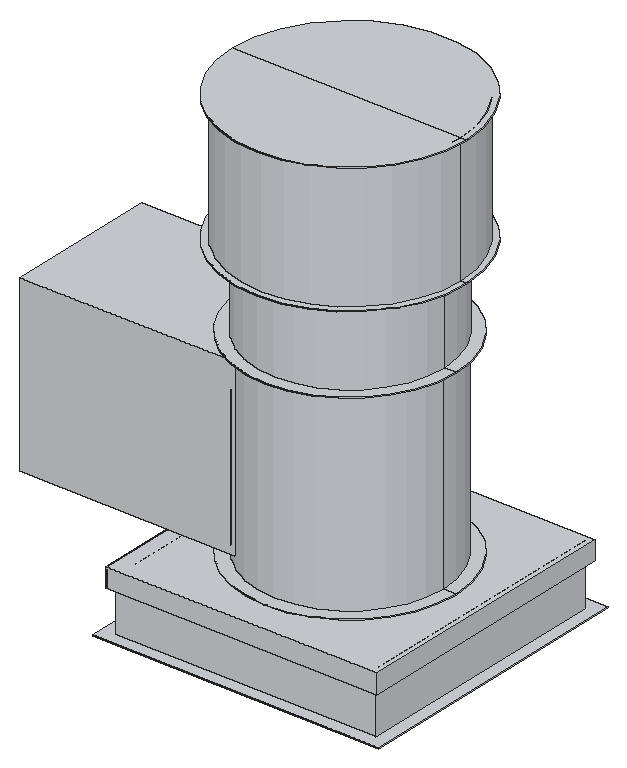
Revit family "AFBV-C_Roof_Exhauster", category Mechanical Equipment, Revit 2019
Family settings
  Round Connector Dimension = Use Diameter
  Part Type = Normal
  Work Plane-Based = No
  Always vertical = Yes
  Cut with Voids When Loaded = No
  Shared = No
  Room Calculation Point = No
Parameters (values of type "28_AFBV-C_ROOF_EXHAUSTER")
  VANE = 1' - 1"
  Unit Weight [instance] = ""
  UP_A_PLUS_VANE = UP_A + VANE  # 5' - 7"
  UP_A-E-3" = UP_A - E - 0' 3"  # 1' - 8"
  UP_A = 4' - 6"
  T_SQ = 3' - 6"
  RO/2 = RO / 2  # 1' - 6 3/4"
  RO = T_SQ - 0' 4 1/2"  # 3' - 1 1/2"
  ModelID [instance] = ""
  L/2 = L / 2  # 1' - 0 5/16"
  L = 2' - 0 5/8"
  K/2 = K / 2  # 0' - 0 3/16"
  K = 0' - 0 3/8"
  J/2 = J / 2  # 1' - 5 13/32"
  CURB_HEIGHT [instance] = 0' - 9 1/2"
  CURB [instance] = yes
  B/2*1.1 = B / 2 * 1.1  # 1' - 6 7/32"
  Accessories [instance] = ""
  45 = 45.00°  # constant formula
  (T_SQ+.125")/2 = (T_SQ + 0' 0 1/4") / 2  # 1' - 9 1/8"
  (L-1")/2 = (L - 0' 1") / 2  # 0' - 11 13/16"
  (J+(J-A))/2 = (J + ((J - A) / 2)) / 2  # 1' - 6 57/64"
  J = 2' - 10 13/16"
  CENTER = 0' - 0"  # constant formula
  H-(A/2) = H - (A / 2)  # 2' - 3 7/16"
  H+J = H + CENTER  # 3' - 5 7/8"
  H = 3' - 5 7/8"
  Sones [instance] = ""
  Motor RPM [instance] = ""
  Motor Enclosure [instance] = ""
  LwA [instance] = ""
  G = 6' - 0"
  Fan RPM [instance] = ""
  F/2 = F / 2  # 0' - 0 7/32"
  F = 0' - 0 7/16"
  E/2 = E / 2  # 1' - 3 1/2"
  E-2" = E - 0' 2"  # 2' - 5"
  E = 2' - 7"
  C/2+J = C / 2 + CENTER  # 1' - 3 7/16"
  C/2 = C / 2  # 1' - 3 7/16"
  C = 2' - 6 7/8"
  B/2 = B / 2  # 1' - 4 9/16"
  B = 2' - 9 1/8"
  A/3 = A / 2.5  # 0' - 11.55"
  A/2 = A / 2  # 1' - 2 7/16"
  A = 2' - 4 7/8"
  60 = 60.00°  # constant formula
  30 = 30.00°  # constant formula
  3" = 0' - 3"  # constant formula
  Brake Hp [instance] = ""
  4" = 0' - 4"  # constant formula
  2' = 2' - 0"
  2" = 0' - 2"  # constant formula
  1" = 0' - 1"  # constant formula
  0 = 0' - 0"  # constant formula
  Voltage [instance] = 0 V
  URL = "www.lorencook.com"
  Type Comments = "Tube Axial Fan Roof Exhauster Belt Drive Arrangement 9"  # constant formula
  Static Pressure [instance] = 0.00 in-wg
  Power [instance] = Voltage * Motor FLA * sqrt(if(Phase = 3, 3, 1))  # 0 VA
  Phase [instance] = 0
  Number of Poles [instance] = 1
  Motor Hp [instance] = "0"
  Motor FLA [instance] = 0 A
  Model = "AFBV-C"  # constant formula
  Manufacturer = "Loren Cook Company"
  CFM [instance] = 0 CFM
  1.5 = 0' - 1 1/2"  # constant formula
  ONE EIGTH = 0' - 0 1/8"  # constant formula
  -E/2 = -E / 2  # -1' - 3 1/2"
  -(E-.25")/2 = -(E - 0' 0 1/4") / 2  # -1' - 3 3/8"
  (K/2)-((J-A-.25")/2) = (K / 2) - ((J - A - 0' 0 1/4") / 2)  # -0' - 2 21/32"
  (J-A-.25") = (J - A - 0' 0 1/4")  # 0' - 5 11/16"
  (H-(A/2))/2 = (H - (A / 2)) / 2  # 1' - 1 23/32"
  (E-.25")/2 = (E - 0' 0 1/4") / 2  # 1' - 3 3/8"
  (A+.25")/2 = (A + 0' 0 1/4") / 2  # 1' - 2 9/16"
Types (12): name | VANE | UP_A_PLUS_VANE | UP_A-E-3" | UP_A | T_SQ | RO/2 | RO | L/2 | L | K/2 | K | J/2 | B/2*1.1 | (T_SQ+.125")/2 | (L-1")/2 | (J+(J-A))/2 | J | H-(A/2) | H+J | H | G | F/2 | F | E/2 | E-2" | E | C/2+J | C/2 | C | B/2 | B | A/3 | A/2 | A | -E/2 | -(E-.25")/2 | (K/2)-((J-A-.25")/2) | (J-A-.25") | (H-(A/2))/2 | (E-.25")/2 | (A+.25")/2
  (no name) | 1' - 1" | 5' - 7" | 1' - 8" | 4' - 6" | 3' - 6" | 1' - 6 3/4" | 3' - 1 1/2" | 1' - 0 5/16" | 2' - 0 5/8" | 0' - 0 3/16" | 0' - 0 3/8" | 1' - 5 13/32" | 1' - 6 7/32" | 1' - 9 1/8" | 0' - 11 13/16" | 1' - 6 57/64" | 2' - 10 13/16" | 2' - 3 7/16" | 3' - 5 7/8" | 3' - 5 7/8" | 6' - 0" | 0' - 0 7/32" | 0' - 0 7/16" | 1' - 3 1/2" | 2' - 5" | 2' - 7" | 1' - 3 7/16" | 1' - 3 7/16" | 2' - 6 7/8" | 1' - 4 9/16" | 2' - 9 1/8" | 0' - 11.55" | 1' - 2 7/16" | 2' - 4 7/8" | -1' - 3 1/2" | -1' - 3 3/8" | -0' - 2 21/32" | 0' - 5 11/16" | 1' - 1 23/32" | 1' - 3 3/8" | 1' - 2 9/16"
  12_AFBV-C_ROOF_EXHAUSTER | 0' - 6" | 3' - 6" | 0' - 11" | 3' - 0" | 1' - 10" | 0' - 8 3/4" | 1' - 5 1/2" | 0' - 6 3/8" | 1' - 0 3/4" | 0' - 0 3/16" | 0' - 0 3/8" | 0' - 9 1/32" | 0' - 8 19/32" | 0' - 11 1/8" | 0' - 5 7/8" | 0' - 10 21/64" | 1' - 6 1/16" | 1' - 6 3/16" | 2' - 0 5/8" | 2' - 0 5/8" | 6' - 0" | 0' - 0 5/32" | 0' - 0 5/16" | 0' - 11" | 1' - 8" | 1' - 10" | 0' - 7 5/16" | 0' - 7 5/16" | 1' - 2 5/8" | 0' - 7 13/16" | 1' - 3 5/8" | 0' - 5.15" | 0' - 6 7/16" | 1' - 0 7/8" | -0' - 11" | -0' - 10 7/8" | -0' - 2 9/32" | 0' - 4 15/16" | 0' - 9 3/32" | 0' - 10 7/8" | 0' - 6 9/16"
  16_AFBV-C_ROOF_EXHAUSTER | 0' - 10" | 4' - 1" | 0' - 11" | 3' - 3" | 2' - 2" | 0' - 10 3/4" | 1' - 9 1/2" | 0' - 7 13/16" | 1' - 3 5/8" | 0' - 0 3/16" | 0' - 0 3/8" | 0' - 11 1/32" | 0' - 10.79375" | 1' - 1 1/8" | 0' - 7 5/16" | 1' - 0 21/64" | 1' - 10 1/16" | 1' - 9 11/16" | 2' - 6 1/8" | 2' - 6 1/8" | 6' - 0" | 0' - 0 5/32" | 0' - 0 5/16" | 1' - 0 1/2" | 1' - 11" | 2' - 1" | 0' - 9 5/16" | 0' - 9 5/16" | 1' - 6 5/8" | 0' - 9 13/16" | 1' - 7 5/8" | 0' - 6 3/4" | 0' - 8 7/16" | 1' - 4 7/8" | -1' - 0 1/2" | -1' - 0 3/8" | -0' - 2 9/32" | 0' - 4 15/16" | 0' - 10 27/32" | 1' - 0 3/8" | 0' - 8 9/16"
  18_AFBV-C_ROOF_EXHAUSTER | 0' - 11" | 4' - 10" | 1' - 7" | 3' - 11" | 2' - 4" | 0' - 11 3/4" | 1' - 11 1/2" | 0' - 8 1/2" | 1' - 5" | 0' - 0 3/16" | 0' - 0 3/8" | 1' - 0 1/32" | 0' - 11.89375" | 1' - 2 1/8" | 0' - 8" | 1' - 1 21/64" | 2' - 0 1/16" | 1' - 9 11/16" | 2' - 7 1/8" | 2' - 7 1/8" | 6' - 0" | 0' - 0 5/32" | 0' - 0 5/16" | 1' - 0 1/2" | 1' - 11" | 2' - 1" | 0' - 10 5/16" | 0' - 10 5/16" | 1' - 8 5/8" | 0' - 10 13/16" | 1' - 9 5/8" | 0' - 7.55" | 0' - 9 7/16" | 1' - 6 7/8" | -1' - 0 1/2" | -1' - 0 3/8" | -0' - 2 9/32" | 0' - 4 15/16" | 0' - 10 27/32" | 1' - 0 3/8" | 0' - 9 9/16"
  24_AFBV-C_ROOF_EXHAUSTER | 1' - 1" | 5' - 7" | 1' - 8" | 4' - 6" | 3' - 0" | 1' - 3 3/4" | 2' - 7 1/2" | 0' - 10 7/8" | 1' - 9 3/4" | 0' - 0 3/16" | 0' - 0 3/8" | 1' - 3 13/32" | 1' - 4.01875" | 1' - 6 1/8" | 0' - 10 3/8" | 1' - 4 57/64" | 2' - 6 13/16" | 2' - 3 7/16" | 3' - 3 7/8" | 3' - 3 7/8" | 6' - 0" | 0' - 0 7/32" | 0' - 0 7/16" | 1' - 3 1/2" | 2' - 5" | 2' - 7" | 1' - 1 7/16" | 1' - 1 7/16" | 2' - 2 7/8" | 1' - 2 9/16" | 2' - 5 1/8" | 0' - 9.95" | 1' - 0 7/16" | 2' - 0 7/8" | -1' - 3 1/2" | -1' - 3 3/8" | -0' - 2 21/32" | 0' - 5 11/16" | 1' - 1 23/32" | 1' - 3 3/8" | 1' - 0 9/16"
  28_AFBV-C_ROOF_EXHAUSTER | 1' - 1" | 5' - 7" | 1' - 8" | 4' - 6" | 3' - 6" | 1' - 6 3/4" | 3' - 1 1/2" | 1' - 0 5/16" | 2' - 0 5/8" | 0' - 0 3/16" | 0' - 0 3/8" | 1' - 5 13/32" | 1' - 6 7/32" | 1' - 9 1/8" | 0' - 11 13/16" | 1' - 6 57/64" | 2' - 10 13/16" | 2' - 3 7/16" | 3' - 5 7/8" | 3' - 5 7/8" | 6' - 0" | 0' - 0 7/32" | 0' - 0 7/16" | 1' - 3 1/2" | 2' - 5" | 2' - 7" | 1' - 3 7/16" | 1' - 3 7/16" | 2' - 6 7/8" | 1' - 4 9/16" | 2' - 9 1/8" | 0' - 11.55" | 1' - 2 7/16" | 2' - 4 7/8" | -1' - 3 1/2" | -1' - 3 3/8" | -0' - 2 21/32" | 0' - 5 11/16" | 1' - 1 23/32" | 1' - 3 3/8" | 1' - 2 9/16"
  32_AFBV-C_ROOF_EXHAUSTER | 1' - 3" | 6' - 6" | 2' - 2" | 5' - 3" | 3' - 6" | 1' - 6 3/4" | 3' - 1 1/2" | 1' - 2 1/8" | 2' - 4 1/4" | 0' - 0 7/32" | 0' - 0 7/16" | 1' - 7 31/32" | 1' - 8.4875" | 1' - 9 1/8" | 1' - 1 5/8" | 1' - 9 45/64" | 3' - 3 15/16" | 2' - 4 3/4" | 3' - 9 1/4" | 3' - 9 1/4" | 6' - 0" | 0' - 0 7/32" | 0' - 0 7/16" | 1' - 5" | 2' - 8" | 2' - 10" | 1' - 5 1/2" | 1' - 5 1/2" | 2' - 11" | 1' - 6 5/8" | 3' - 1 1/4" | 1' - 1.2" | 1' - 4 1/2" | 2' - 9" | -1' - 5" | -1' - 4 7/8" | -0' - 3 1/8" | 0' - 6 11/16" | 1' - 2 3/8" | 1' - 4 7/8" | 1' - 4 5/8"
  36_AFBV-C_ROOF_EXHAUSTER | 1' - 4" | 6' - 7" | 2' - 2" | 5' - 3" | 4' - 0" | 1' - 9 3/4" | 3' - 7 1/2" | 1' - 3 17/32" | 2' - 7 1/16" | 0' - 0 7/32" | 0' - 0 7/16" | 1' - 9 31/32" | 1' - 10.75625" | 2' - 0 1/8" | 1' - 3 1/32" | 1' - 11 45/64" | 3' - 7 15/16" | 2' - 4 3/4" | 3' - 11 1/4" | 3' - 11 1/4" | 6' - 0" | 0' - 0 7/32" | 0' - 0 7/16" | 1' - 5" | 2' - 8" | 2' - 10" | 1' - 7 1/2" | 1' - 7 1/2" | 3' - 3" | 1' - 8 11/16" | 3' - 5 3/8" | 1' - 2.8" | 1' - 6 1/2" | 3' - 1" | -1' - 5" | -1' - 4 7/8" | -0' - 3 1/8" | 0' - 6 11/16" | 1' - 2 3/8" | 1' - 4 7/8" | 1' - 6 5/8"
  44_AFBV-C_ROOF_EXHAUSTER | 1' - 7" | 8' - 6" | 3' - 2" | 6' - 11" | 4' - 6" | 2' - 0 3/4" | 4' - 1 1/2" | 1' - 6 3/8" | 3' - 0 3/4" | 0' - 0 7/32" | 0' - 0 7/16" | 2' - 2" | 2' - 3 5/32" | 2' - 3 1/8" | 1' - 5 7/8" | 2' - 3 3/4" | 4' - 4" | 3' - 0 1/4" | 4' - 10 3/4" | 4' - 10 3/4" | 12' - 0" | 0' - 0 7/32" | 0' - 0 7/16" | 1' - 9" | 3' - 4" | 3' - 6" | 1' - 11 3/4" | 1' - 11 3/4" | 3' - 11 1/2" | 2' - 0 11/16" | 4' - 1 3/8" | 1' - 6" | 1' - 10 1/2" | 3' - 9" | -1' - 9" | -1' - 8 7/8" | -0' - 3 5/32" | 0' - 6 3/4" | 1' - 6 1/8" | 1' - 8 7/8" | 1' - 10 5/8"
  48_AFBV-C_ROOF_EXHAUSTER | 1' - 10" | 8' - 9 1/2" | 3' - 2 1/2" | 6' - 11 1/2" | 4' - 10 1/4" | 2' - 2 7/8" | 4' - 5 3/4" | 1' - 8 3/16" | 3' - 4 3/8" | 0' - 0 7/32" | 0' - 0 7/16" | 2' - 4 9/16" | 2' - 5.425" | 2' - 5 1/4" | 1' - 7 11/16" | 2' - 6 9/16" | 4' - 9 1/8" | 3' - 0 3/16" | 5' - 0 3/4" | 5' - 0 3/4" | 12' - 0" | 0' - 0 7/32" | 0' - 0 7/16" | 1' - 9" | 3' - 4" | 3' - 6" | 2' - 1 13/16" | 2' - 1 13/16" | 4' - 3 5/8" | 2' - 2 3/4" | 4' - 5 1/2" | 1' - 7.65" | 2' - 0 9/16" | 4' - 1 1/8" | -1' - 9" | -1' - 8 7/8" | -0' - 3 21/32" | 0' - 7 3/4" | 1' - 6 3/32" | 1' - 8 7/8" | 2' - 0 11/16"
  54_AFBV-C_ROOF_EXHAUSTER | 1' - 11" | 8' - 10 1/2" | 3' - 2 1/2" | 6' - 11 1/2" | 5' - 4 1/4" | 2' - 5 7/8" | 4' - 11 3/4" | 1' - 10 1/2" | 3' - 9" | 0' - 0 7/32" | 0' - 0 7/16" | 2' - 7 13/16" | 2' - 9.4125" | 2' - 8 1/4" | 1' - 10" | 2' - 9 7/8" | 5' - 3 5/8" | 2' - 0 1/16" | 4' - 3 3/4" | 4' - 3 3/4" | 12' - 0" | 0' - 0 7/32" | 0' - 0 7/16" | 1' - 9" | 3' - 4" | 3' - 6" | 2' - 4 13/16" | 2' - 4 13/16" | 4' - 9 5/8" | 2' - 6 3/8" | 5' - 0 3/4" | 1' - 10.15" | 2' - 3 11/16" | 4' - 7 3/8" | -1' - 9" | -1' - 8 7/8" | -0' - 3 25/32" | 0' - 8" | 1' - 0 1/32" | 1' - 8 7/8" | 2' - 3 13/16"
  60_AFBV-C_ROOF_EXHAUSTER | 2' - 1" | 9' - 0 1/2" | 3' - 2 1/2" | 6' - 11 1/2" | 5' - 10 1/4" | 2' - 8 7/8" | 5' - 5 3/4" | 2' - 0 17/32" | 4' - 1 1/16" | 0' - 0 7/32" | 0' - 0 7/16" | 2' - 10 11/16" | 3' - 0.7125" | 2' - 11 1/4" | 2' - 0 1/32" | 3' - 0 11/16" | 5' - 9 3/8" | 2' - 0 1/16" | 4' - 6 3/4" | 4' - 6 3/4" | 12' - 0" | 0' - 1 1/2" | 0' - 3" | 1' - 9" | 3' - 4" | 3' - 6" | 2' - 7 13/16" | 2' - 7 13/16" | 5' - 3 5/8" | 2' - 9 3/8" | 5' - 6 3/4" | 2' - 0.55" | 2' - 6 11/16" | 5' - 1 3/8" | -1' - 9" | -1' - 8 7/8" | -0' - 3 21/32" | 0' - 7 3/4" | 1' - 0 1/32" | 1' - 8 7/8" | 2' - 6 13/16"
Reference planes (in)
  plane 1 "Center (Front/Back)": y = 0
  plane 2: z = 0
  plane 3 "Center (Left/Right)": x = 0.40541
Forms (in)
  Revolve 1, solid
    sketch origin (0, 0, 0) x (1, 0, 0) y (0, 0, 1)
      loop
        line (0.40541, 3) -> (16.96791, 3) -> (16.96791, 3.125) -> (14.96791, 3.125) -> (14.96791, 33.875) -> (16.96791, 33.875) -> (16.96791, 34) -> (0.40541, 34) -> (0.40541, 3)
      axis (0.40541, 3) -> (0.40541, 34)
    angle from 0 to 360
  Extrusion 2, solid
    sketch origin (0.40541, 0, 33.875) x (1, 0, 0) y (0, -1, 0)
      loop
        arc (-8.51653, -11.8125) -> (-14.5625, 0) -> (-8.51653, 11.8125) r 14.5625
        line (-8.51653, 11.8125) -> (-41.875, 11.8125) -> (-41.875, -11.8125) -> (-8.51653, -11.8125)
    from 29 <- "E-2"" to 2
  Extrusion 3, void
    sketch origin (0, 0, 0) x (1, 0, 0) y (0, 1, 0)
      loop
        circle (0.40541, 0) r 0.125
    from -15.5 <- "-E/2" to 15.5 <- "E/2"
  Extrusion 4, solid
    sketch origin (0, 0, 0) x (1, 0, 0) y (0, 1, 0)
      loop
        line (-20.71959, 21.125) -> (-20.71959, -21.125) -> (21.53041, -21.125) -> (21.53041, 21.125) -> (-20.71959, 21.125)
    from 0 to 3
  Extrusion 5, void
    sketch origin (0, 0, 0) x (1, 0, 0) y (0, 1, 0)
      loop
        line (-20.59459, 21) -> (-20.59459, -21) -> (21.40541, -21) -> (21.40541, 21) -> (-20.59459, 21)
    from 0 to 2.875
  Revolve 6, solid
    sketch origin (0, 0, 0) x (1, 0, 0) y (0, 0, 1)
      loop
        line (0.40541, 46.875) -> (18.62416, 46.875) -> (18.62416, 47) -> (17.62416, 47) -> (17.62416, 66.875) -> (18.62416, 66.875) -> (18.62416, 67) -> (0.40541, 67) -> (0.40541, 46.875)
      axis (0.40541, 67) -> (0.40541, 46.875)
    angle from 0 to 360
  Extrusion 7, solid, visible <- "CURB"
    sketch origin (0, 0, 2.875) x (0, 1, 0) y (1, 0, 0)
      loop
        line (18.75, -18.34459) -> (18.75, 19.15541) -> (-18.75, 19.15541) -> (-18.75, -18.34459) -> (18.75, -18.34459)
      loop
        line (-20.25, 20.65541) -> (-20.25, -19.84459) -> (20.25, -19.84459) -> (20.25, 20.65541) -> (-20.25, 20.65541)
    from 0 to 9.5 <- "CURB_HEIGHT"
  Extrusion 8, solid, visible <- "CURB"
    sketch origin (0, 0, -6.625) x (-1, 0, 0) y (0, 1, 0)
      loop
        line (19.84459, -20.25) -> (19.84459, 20.25) -> (-20.65541, 20.25) -> (-20.65541, -20.25) -> (19.84459, -20.25)
      loop
        line (-22.65541, 22.25) -> (-22.65541, -22.25) -> (21.84459, -22.25) -> (21.84459, 22.25) -> (-22.65541, 22.25)
    from 0 to -0.125
  Revolve 9, solid
    sketch origin (0, 0, 0) x (1, 0, 0) y (0, 0, 1)
      loop
        line (16.96791, 46.875) -> (14.96791, 46.875) -> (14.96791, 33.875) -> (16.96791, 33.875) -> (16.96791, 34) -> (15.09291, 34) -> (15.09291, 46.75) -> (16.96791, 46.75) -> (16.96791, 46.875)
      axis (0.40541, 33.875) -> (0.40541, 46.875)
    angle from 0 to 360
Cuts and joins
  Extrusion 3 cuts Revolve 1
  Extrusion 3 cuts Extrusion 2
  Extrusion 5 cuts Extrusion 4
Dimensions and locks (in)
  "0": Revolve 1 sketch curve to plane 3 "Center (Left/Right)"  (x2)
  "(A+.25")/2": Revolve 1 sketch curve to plane 3 "Center (Left/Right)"
  "B/2": Revolve 1 sketch curve to plane 3 "Center (Left/Right)"  (x2)
  "ONE EIGTH": Revolve 1 sketch curve to Revolve 1 sketch curve  (x2)
  "E": Revolve 1 sketch curve to Revolve 1 sketch curve
  "3"": Revolve 1 sketch curve to level
  "H": Extrusion 2 sketch curve to plane 3 "Center (Left/Right)"
  "(L-1")/2": Extrusion 2 sketch curve to plane 1 "Center (Front/Back)"  (x2)
  "0": Extrusion 2 sketch curve to plane 3 "Center (Left/Right)"
  "0": Extrusion 2 sketch curve to plane 1 "Center (Front/Back)"
  "0": Extrusion 3 sketch curve to plane 3 "Center (Left/Right)"
  "0": plane 1 "Center (Front/Back)" to Extrusion 3 sketch curve
  "(T_SQ+.125")/2": Extrusion 4 sketch curve to plane 3 "Center (Left/Right)"
  "(T_SQ+.125")/2": plane 3 "Center (Left/Right)" to Extrusion 4 sketch curve
  "(T_SQ+.125")/2": plane 1 "Center (Front/Back)" to Extrusion 4 sketch curve
  "(T_SQ+.125")/2": Extrusion 4 sketch curve to plane 1 "Center (Front/Back)"
  "ONE EIGTH": Extrusion 5 sketch curve to Extrusion 4  (x3)
  "ONE EIGTH": Extrusion 4 to Extrusion 5 sketch curve
  "UP_A_PLUS_VANE": Revolve 6 sketch curve to level
  "VANE": Revolve 6 sketch curve to cut or joined group of Revolve 1, Extrusion 3
  "0": Revolve 6 sketch curve to plane 3 "Center (Left/Right)"  (x2)
  "B/2*1.1": Revolve 6 sketch curve to plane 3 "Center (Left/Right)"  (x2)
  "ONE EIGTH": Revolve 6 sketch curve to Revolve 6 sketch curve  (x2)
  "1"": Revolve 6 sketch curve to Revolve 6 sketch curve  (x2)
  "1.5": Extrusion 7 sketch curve to Extrusion 7 sketch curve  (x4)
  "RO/2": Extrusion 7 sketch curve to plane 3 "Center (Left/Right)"
  "RO/2": plane 3 "Center (Left/Right)" to Extrusion 7 sketch curve
  "RO/2": plane 1 "Center (Front/Back)" to Extrusion 7 sketch curve
  "RO/2": Extrusion 7 sketch curve to plane 1 "Center (Front/Back)"
  "2"": Extrusion 8 sketch curve to Extrusion 8 sketch curve  (x4)
  "0": Extrusion 8 sketch curve to Extrusion 7  (x3)
  "0": Extrusion 7 to Extrusion 8 sketch curve
  "0": Revolve 6 to Revolve 9 sketch curve
  "0": Revolve 9 sketch curve to cut or joined group of Revolve 1, Extrusion 3
  "(A+.25")/2": plane 3 "Center (Left/Right)" to Revolve 9 sketch curve
  "B/2": Revolve 9 sketch curve to plane 3 "Center (Left/Right)"  (x2)
  "0": Revolve 9 sketch curve to plane 3 "Center (Left/Right)"
  "ONE EIGTH": Revolve 9 sketch curve to Revolve 9 sketch curve  (x3)
  "(A+.25")/2": radius of Extrusion 2 sketch curve
  "ONE EIGTH": radius of Extrusion 3 sketch curve
Automatic sketch dimensions
  Extrusion 2 sketch curve to Extrusion 2 sketch curve = 0' - 0"
  Revolve 1 sketch curve to Revolve 1 sketch curve = 0' - 0"
  Revolve 1 sketch curve to Revolve 1 sketch curve = 1' - 6"
  Revolve 6 sketch curve to Revolve 6 sketch curve = 0' - 6"
  Revolve 6 sketch curve to Revolve 6 sketch curve = 1' - 4"
  Revolve 9 sketch curve to Revolve 9 sketch curve = 0' - 8"
  Revolve 9 sketch curve to Revolve 9 sketch curve = 0' - 6"
Connectors (in)
  electrical at (-24.79035, -11.8125, 18.375)
    settings: on Extrusion 2, index 1, voltage 0 V, apparent load 0 VA, apparent load phase1 0 VA, apparent load phase2 0 VA, apparent load phase3 0 VA, power factor 1, load classification "Other", number of poles 1, system type 30, power factor state 1, is connector primary yes, connector utility no, sub classification motor no, connector description ""
  hvac at (0.40541, 0, 3), driven by "CFM", driven by "RO", driven by "RO"
    settings: on cut or joined group of Extrusion 4, Extrusion 5, index 2, duct flow 0 CFM, flow factor 0, pres drop 0.00 in-wg, loss coef 0, conn angle 0.00°, conn width 37 1/2", conn height 37 1/2", conn diameter 24", duct sys type 3, conn prof type 1, flow config 0, flow direction 1, loss method 0, conn ref index -1, conn util no, is conn primary yes, conn desc ""
